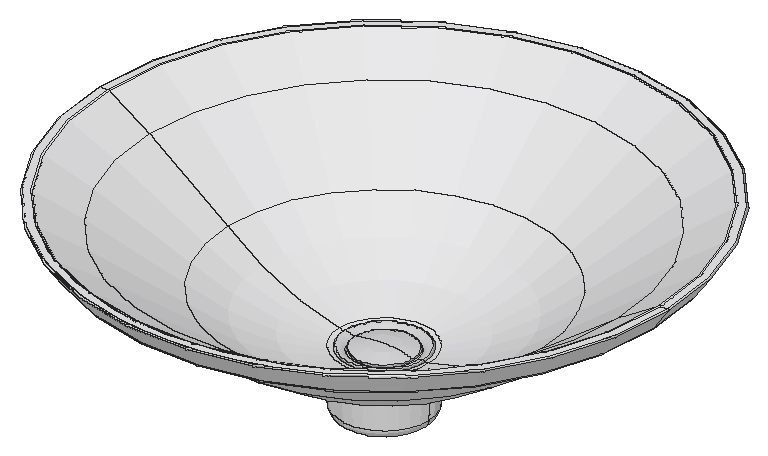
Revit family "Sink-Vessel-Lavatory-KOHLER-Carillon_Round-K-30333_1", category Plumbing Fixtures, host Face, Revit 2017
Family settings
  Host = Face
  Round Connector Dimension = Use Diameter
  Part Type = Normal
  OmniClass Number = 23.31.13.00
  OmniClass Title = Sinks
  Cut with Voids When Loaded = No
  Shared = No
  Room Calculation Point = No
Parameters (values of type "DM1,Blush Floral,0-White")
  Width = 17 173/256"  # constant formula
  WaterSense Certified = 1 = 0  # no
  Waste Water Outlet = "Waste Water Outlet"  # constant formula
  Waste Connection = 1 = 1  # yes
  Vent Connection = 1 = 0  # no
  URL = "https://www.us.kohler.com/us/"
  Type = 1
  Product Page URL = "http://www.us.kohler.com/us/catalog/productDetails.jsp?productId=30333-DM1"
  Product Name = "Carillon_Round"  # constant formula
  Product Documentation Link = "https://www.us.kohler.com/webassets/kpna/catalog/pdf/en/K-30333-DM1_spec_US-CA_Kohler_en.pdf"
  Model = if(Type = 1, "K-30333-DM1-0", if(Type = 2, "K-30333-DM2-0", "NA"))  # "K-30333-DM1-0"
  Material = "Vitreous china"  # constant formula
  Master Format 2014 Name = "Residential Lavatories and Sinks"  # constant formula
  Master Format 2014 = "22 41 16"  # constant formula
  Manufacturer Address = "444 Highland Dr, Kohler, WI 53044"  # constant formula
  Manufacturer = "KOHLER Co."  # constant formula
  Length = 17 173/256"  # constant formula
  Hot Water Inlet = "Hot Water Inlet"  # constant formula
  Height = 5 63/64"  # constant formula
  HW Connection = 1 = 0  # no
  Finish = Kohler-Vitreous_China-0-White
  Environmental Product Declaration = ""
  Drain Included = 1 = 0  # no
  Description = if(Type = 1, "Dutchmaster Blush Floral™ Carillon® RoundWading Pool® vessel bathroom sink", if(Type = 2, "Dutchmaster Midnight Floral™ Carillon® RoundWading Pool® vessel bathroom sink", "NA"))  # "Dutchmaster Blush Floral™ Carillon® RoundWading Pool® vessel bathroom sink"
  Default Elevation = 36"
  Declare Label = ""
  Date Modified = "02/11/2021"  # constant formula
  Date Created = "02/11/2021"  # constant formula
  Copyright = "Copyright KOHLER Co."  # constant formula
  Contact Us = "https://www.us.kohler.com/us/static/contact.jsp"
  Cold Water Inlet = "Cold Water Inlet"  # constant formula
  CW Connection = 1 = 0  # no
  Assembly Code = "D2010400"
  ADA Compliant = 1 = 1  # yes
Types (3): name | Type | Product Page URL | Product Documentation Link | Model | Description
  (no name) | 1 | "http://www.us.kohler.com/us/catalog/productDetails.jsp?productId=30333-DM1" | "https://www.us.kohler.com/webassets/kpna/catalog/pdf/en/K-30333-DM1_spec_US-CA_Kohler_en.pdf" | "K-30333-DM1-0" | "Dutchmaster Blush Floral™ Carillon® RoundWading Pool® vessel bathroom sink"
  DM1,Blush Floral,0-White | 1 | "http://www.us.kohler.com/us/catalog/productDetails.jsp?productId=30333-DM1" | "https://www.us.kohler.com/webassets/kpna/catalog/pdf/en/K-30333-DM1_spec_US-CA_Kohler_en.pdf" | "K-30333-DM1-0" | "Dutchmaster Blush Floral™ Carillon® RoundWading Pool® vessel bathroom sink"
  DM2,Midnight Floral,0-White | 2 | "http://www.us.kohler.com/us/catalog/productDetails.jsp?productId=30333-DM2" | "https://www.us.kohler.com/webassets/kpna/catalog/pdf/en/K-30333-DM2_spec_US-CA_Kohler_en.pdf" | "K-30333-DM2-0" | "Dutchmaster Midnight Floral™ Carillon® RoundWading Pool® vessel bathroom sink"
Reference planes (in)
  plane 1 "Center (Front/Back)": y = 0
  plane 2: z = 0
  plane 3 "Center (Left/Right)": x = 0
  plane 4: y = 8.83858
  plane 5: x = 8.83858
  plane 6: x = -8.8372
  plane 7: y = -8.8372
  plane 8: z = -1.74803
  plane 9: z = -6.98438
  plane 10: z = -1
Forms (in)
  Extrusion 1, void
    sketch origin (0, 0, 0) x (1, 0, 0) y (0, 1, 0)
      loop
        circle (0, 0) r 8.83858
    from -6.98425 to 0
Dimensions and locks (in)
  "Length": plane 4 to plane 7
  "Width": plane 6 to plane 5
  level to plane 10 = 1"  (x2)
  plane 10 to plane 8 = 0.74803"  (x2)
  "Height": plane 10 to plane 9
  aligned and locked: plane 2 to host face
  aligned and locked: level to host face
Automatic sketch dimensions
  host sketch curve to host sketch curve = 96"  (x2)
  plane 1 "Center (Front/Back)" to Extrusion 1 sketch curve = 0"
  Extrusion 1 sketch curve to plane 3 "Center (Left/Right)" = 0"
  radius of Extrusion 1 sketch curve = 8.83858"
Nested families (in)
  nested 1: "K-30333" at (0, 0, -6.98425), type "K-30333"
Connectors (in)
  piping at (0, 0, -6.98425), diameter 1.25, driven by "Waste Connection", driven by "Waste Water Outlet"
    settings: on nested 1, index 1, connector inside diameter 24", connector length 0", flow factor 0, pipe flow 0 GPM, pressure drop 0.00 psi, fitting loss kfactor 0, connector angle 0.00°, fixture units 0, engagement length 0", angle of deflection 0.00°, flow configuration 0, flow direction 2, fitting loss method 0, system type 16, joint type 0, gender type 0, connector reference index -1, connector utility 1, adjustable connector no, is connector primary yes, connector description "Waste Water Outlet"
Definition of nested family "K-30333"
  Parameters (values of type "K-30333")
    material = none
  Reference planes (in)
    plane 1 "Center (Front/Back)": y = 0
    plane 2: z = 0
    plane 3 "Center (Left/Right)": x = 0
    plane 4: y = 8.83858
    plane 5: x = -8.83858
    plane 6: z = 5.98425
    plane 7: z = 5.23622
    plane 8: x = 8.83858
    plane 9: y = -8.83858
    plane 10: z = 0
  Forms (in)
    Revolve 1, solid, material <- "material", detail levels medium+fine
      sketch origin (0, 0, 0) x (1, 0, 0) y (0, 0, 1)
        loop
          line (1.38151, 0.28751) -> (1.46546, 1.24709)
          arc (1.46546, 1.24709) -> (1.52284, 1.38746) -> (1.64959, 1.47071) r 0.25591
          arc (1.64959, 1.47071) -> (3.73064, 2.29508) -> (5.6141, 3.5046) r 11.57448
          arc (5.6141, 3.5046) -> (6.67938, 4.35366) -> (7.73574, 5.21379) r 130.47579
          arc (7.73574, 5.21379) -> (7.76506, 5.23044) -> (7.79829, 5.23622) r 0.09843
          line (7.79829, 5.23622) -> (8.25416, 5.23622)
          arc (8.25416, 5.23622) -> (8.31727, 5.25152) -> (8.36637, 5.29403) r 0.1378
          line (8.36637, 5.29403) -> (8.82796, 5.94161)
          arc (8.82796, 5.94161) -> (8.82998, 5.96963) -> (8.80599, 5.98425) r 0.02698
          line (8.80599, 5.98425) -> (8.57293, 5.98425)
          arc (8.57293, 5.98425) -> (8.55411, 5.98166) -> (8.5367, 5.97408) r 0.06955
          line (8.5367, 5.97408) -> (7.27301, 5.20319)
          arc (7.27301, 5.20319) -> (6.03774, 4.39164) -> (4.85958, 3.49919) r 22.05912
          arc (4.85958, 3.49919) -> (3.22581, 2.47592) -> (1.39295, 1.87852) r 7.90501
          arc (1.39295, 1.87852) -> (1.24403, 1.82568) -> (1.11703, 1.73166) r 0.53529
          line (1.11703, 1.73166) -> (0.86947, 1.48411) -> (0.86947, 0) -> (1.06775, 0)
          arc (1.06775, 0) -> (1.28053, 0.08275) -> (1.38151, 0.28751) r 0.31496
        axis (0, 5.98425) -> (0, 0)
      angle from 0 to 360
    Revolve 2, solid, detail levels medium+fine
      sketch origin (0, 0, 0.02217) x (1, 0, 0) y (0, 0, 1)
        loop
          line (0, 1.35726) -> (0, 1.93165)
          arc (0, 1.93165) -> (-0.45322, 1.90002) -> (-0.89765, 1.80572) r 3.26224
          arc (-0.89765, 1.80572) -> (-0.90727, 1.79092) -> (-0.89395, 1.77933) r 0.01345
          line (-0.89395, 1.77933) -> (-0.47341, 1.77933) -> (-0.47341, 1.64604) -> (-0.92435, 1.64604) -> (-0.95196, 1.7491)
          arc (-0.95196, 1.7491) -> (-1.06293, 1.83403) -> (-1.19767, 1.8711) r 0.36541
          arc (-1.19767, 1.8711) -> (-1.22863, 1.84821) -> (-1.21046, 1.81426) r 0.02944
          line (-1.21046, 1.81426) -> (-1.05016, 1.75273)
          arc (-1.05016, 1.75273) -> (-1.01199, 1.72733) -> (-0.9883, 1.68808) r 0.10483
          arc (-0.9883, 1.68808) -> (-0.89638, 1.50578) -> (-0.7563, 1.35726) r 0.70858
          line (-0.7563, 1.35726) -> (0, 1.35726)
        axis (0, 1.93165) -> (0, 1.35726)
      angle from 0 to 360
    Revolve 3, solid, material <- "material", detail levels coarse
      sketch origin (0, 0, 0) x (1, 0, 0) y (0, 0, 1)
        loop
          line (1.1679, 0) -> (1.52319, 0) -> (1.52319, 1.39073)
          arc (1.52319, 1.39073) -> (3.72432, 2.2239) -> (5.67227, 3.54475) r 10.08045
          arc (5.67227, 3.54475) -> (6.72195, 4.41347) -> (7.80803, 5.23622) r 31.66482
          line (7.80803, 5.23622) -> (8.35823, 5.23622) -> (8.83858, 5.98425) -> (7.80803, 5.98425) -> (5.0017, 3.54475)
          arc (5.0017, 3.54475) -> (3.2107, 2.38443) -> (1.1679, 1.76718) r 7.60779
          line (1.1679, 1.76718) -> (1.1679, 0)
        axis (0, 5.98425) -> (0, 0)
      angle from 0 to 360
  Lines and regions (in)
    Masking region 1
      outline origin (0, 0, 0) x (1, 0, 0) y (0, 0, 1)
        loop
          line (0, 0) -> (1.06731, 0)
          arc (1.06731, 0) -> (1.2801, 0.08275) -> (1.38107, 0.28751) r 0.31496
          line (1.38107, 0.28751) -> (1.46525, 1.2497)
          arc (1.46525, 1.2497) -> (1.52343, 1.39103) -> (1.65179, 1.47399) r 0.25591
          arc (1.65179, 1.47399) -> (3.76856, 2.30253) -> (5.67227, 3.54475) r 11.1046
          line (5.67227, 3.54475) -> (7.73292, 5.21343)
          arc (7.73292, 5.21343) -> (7.76878, 5.2304) -> (7.80803, 5.23622) r 0.13517
          line (7.80803, 5.23622) -> (8.25807, 5.23622)
          arc (8.25807, 5.23622) -> (8.31685, 5.25046) -> (8.3626, 5.29001) r 0.12846
          line (8.3626, 5.29001) -> (8.83192, 5.94703)
          arc (8.83192, 5.94703) -> (8.83369, 5.97148) -> (8.81276, 5.98425) r 0.02354
          line (8.81276, 5.98425) -> (0, 5.98425) -> (-8.81276, 5.98425)
          arc (-8.81276, 5.98425) -> (-8.83369, 5.97148) -> (-8.83192, 5.94703) r 0.02354
          line (-8.83192, 5.94703) -> (-8.3626, 5.29001)
          arc (-8.3626, 5.29001) -> (-8.31685, 5.25046) -> (-8.25807, 5.23622) r 0.12846
          line (-8.25807, 5.23622) -> (-7.80803, 5.23622)
          arc (-7.80803, 5.23622) -> (-7.76878, 5.2304) -> (-7.73292, 5.21343) r 0.13517
          line (-7.73292, 5.21343) -> (-5.67227, 3.54475)
          arc (-5.67227, 3.54475) -> (-3.76856, 2.30253) -> (-1.65179, 1.47399) r 11.1046
          arc (-1.65179, 1.47399) -> (-1.52343, 1.39103) -> (-1.46525, 1.2497) r 0.25591
          line (-1.46525, 1.2497) -> (-1.38107, 0.28751)
          arc (-1.38107, 0.28751) -> (-1.2801, 0.08275) -> (-1.06731, 0) r 0.31496
          line (-1.06731, 0) -> (0, 0)
    Masking region 2
      outline origin (0, 0, 0) x (0, 1, 0) y (0, 0, 1)
        loop
          line (0, 0) -> (1.06731, 0)
          arc (1.06731, 0) -> (1.2801, 0.08275) -> (1.38107, 0.28751) r 0.31496
          line (1.38107, 0.28751) -> (1.46525, 1.2497)
          arc (1.46525, 1.2497) -> (1.52343, 1.39103) -> (1.65179, 1.47399) r 0.25591
          arc (1.65179, 1.47399) -> (3.76856, 2.30253) -> (5.67227, 3.54475) r 11.1046
          line (5.67227, 3.54475) -> (7.73292, 5.21343)
          arc (7.73292, 5.21343) -> (7.76878, 5.2304) -> (7.80803, 5.23622) r 0.13517
          line (7.80803, 5.23622) -> (8.25807, 5.23622)
          arc (8.25807, 5.23622) -> (8.31685, 5.25046) -> (8.3626, 5.29001) r 0.12846
          line (8.3626, 5.29001) -> (8.83192, 5.94703)
          arc (8.83192, 5.94703) -> (8.83369, 5.97148) -> (8.81276, 5.98425) r 0.02354
          line (8.81276, 5.98425) -> (0, 5.98425) -> (-8.81276, 5.98425)
          arc (-8.81276, 5.98425) -> (-8.83369, 5.97148) -> (-8.83192, 5.94703) r 0.02354
          line (-8.83192, 5.94703) -> (-8.3626, 5.29001)
          arc (-8.3626, 5.29001) -> (-8.31685, 5.25046) -> (-8.25807, 5.23622) r 0.12846
          line (-8.25807, 5.23622) -> (-7.80803, 5.23622)
          arc (-7.80803, 5.23622) -> (-7.76878, 5.2304) -> (-7.73292, 5.21343) r 0.13517
          line (-7.73292, 5.21343) -> (-5.67227, 3.54475)
          arc (-5.67227, 3.54475) -> (-3.76856, 2.30253) -> (-1.65179, 1.47399) r 11.1046
          arc (-1.65179, 1.47399) -> (-1.52343, 1.39103) -> (-1.46525, 1.2497) r 0.25591
          line (-1.46525, 1.2497) -> (-1.38107, 0.28751)
          arc (-1.38107, 0.28751) -> (-1.2801, 0.08275) -> (-1.06731, 0) r 0.31496
          line (-1.06731, 0) -> (0, 0)
    Masking region 3
      outline origin (0, 0, 0) x (1, 0, 0) y (0, 1, 0)
        loop
          circle (0, 0) r 8.83858
    symbolic lines, detail levels medium+fine
      curve 1: line (7.80803, 0, 5.23622) -> (-7.80803, 0, 5.23622)
      curve 2: line (-7.73292, 0, 5.21343) -> (7.73292, 0, 5.21343)
      curve 3: line (1.65179, 0, 1.47399) -> (-1.65179, 0, 1.47399)
      curve 4: line (0, 7.80803, 5.23622) -> (0, -7.80803, 5.23622)
      curve 5: line (0, -7.73292, 5.21343) -> (0, 7.73292, 5.21343)
      curve 6: line (0, -1.65179, 1.47399) -> (0, 1.65179, 1.47399)
      curve 7: circle (0, 0, 0) r 1.22651 normal (0, 0, 1)
    symbolic lines
      curve 8: circle (0, 0, 0) r 0.86947 normal (0, 0, 1)
  Dimensions and locks (in)
    plane 6 to level = 5.98425"  (x2)
    plane 6 to plane 7 = 0.74803"  (x2)
    plane 5 to plane 8 = 17.67717"
    plane 9 to plane 4 = 17.67717"
    aligned and locked: plane 2 to level
